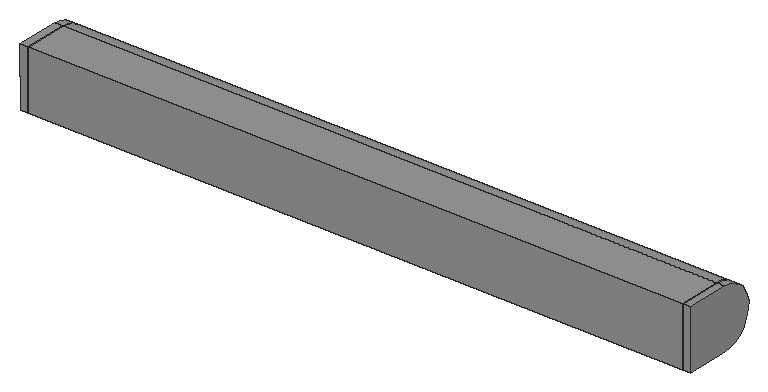
Revit family "JAVA_20W_3000K_1675LM", category Lighting Fixtures, host Wall, Revit 2021
Family settings
  Host = Wall
  Round Connector Dimension = Use Diameter
  Part Type = Normal
  OmniClass Number = 23.80.70.00
  OmniClass Title = Lighting
  Always vertical = Yes
  Cut with Voids When Loaded = No
  Light Source = Yes
  Shared = No
  Room Calculation Point = No
Parameters
  Wattage = 11.2763 W
  built-in parameter 1150110 = 1 (stored number, unit not read)
  Type de lampe = "LED"
  Type = "Applique salle de bain"
  built-in parameter 1114217 = 1 (stored number, unit not read)
  Tilt Angle = 90.00°
  Tension = "AC 220-240V"
  built-in parameter 1150109 = 1 (stored number, unit not read)
  built-in parameter 1150134 = (empty or 0)
  built-in parameter 1150113 = 1 (stored number, unit not read)
  Puissance nominale = "20W"
  Photometric Web File = "google_eulumdat_converter (29).ies"
  Matériau = "Corps en aluminium"
  Lumens = 1675 lm
  built-in parameter 1150115 = 1 (stored number, unit not read)
  built-in parameter 1150105 = 133.29 (stored number, unit not read)
  built-in parameter 1150137 = (empty or 0)
  built-in parameter 1150139 = (empty or 0)
  built-in parameter 1150112 = 1 (stored number, unit not read)
  built-in parameter 1150114 = 1 (stored number, unit not read)
  built-in parameter 1150132 = 2
  built-in parameter 1150102 = (empty or 0)
  built-in parameter 1150138 = (empty or 0)
  built-in parameter 1150107 = 3000 (stored number, unit not read)
  built-in parameter 1150106 = 1.3329 (stored number, unit not read)
  IRC = ">80"
  Fintion = "Chrome"
  Emit from Line Length = 609.6 mm
  built-in parameter 1150104 = 13.8 (stored number, unit not read)
  Dimming Lamp Color Temperature Shift = <None>
  Dimensions = "600 x 65 x 53 mm"
  Default Elevation = 0 mm
  Color Filter = 16777215
  built-in parameter 1114218 = 1 (stored number, unit not read)
  built-in parameter 1150133 = 10 (stored number, unit not read)
Reference planes
  plane 1: y = 0
  plane 2 "Light Source Axis (F/B)": y = 112.214
  plane 3 "Light Source Axis (L/R)": x = -36.356
  plane 4 "Light Source Elevation": z = 2000
Forms (mm)
  Extrusion 1, solid, material "Glass, White, High Luminance"
    sketch origin (-36.356, 0, 0) x (0, -1, 0) y (0, 0, 1)
      loop
        line (-113.5, 1973.5) -> (-75, 1973.5) -> (-75, 2026.5) -> (-113.5, 2026.5)
        arc (-113.5, 2026.5) -> (-140, 2000) -> (-113.5, 1973.5) r 26.5
    from -293.074 to 293.074
  Extrusion 2, solid, material "Aluminum"
    sketch origin (-23.281, 0, 0) x (0, -1, 0) y (0, 0, 1)
      loop
        line (-113.5, 1973.5) -> (-75, 1973.5) -> (-75, 2026.5) -> (-113.5, 2026.5)
        arc (-113.5, 2026.5) -> (-140, 2000) -> (-113.5, 1973.5) r 26.5
    from 306.149 to 313.074
  Extrusion 3, solid, material "Aluminum"
    sketch origin (-49.43, 0, 0) x (0, -1, 0) y (0, 0, -1)
      loop
        arc (-113.5, -1973.5) -> (-140, -2000) -> (-113.5, -2026.5) r 26.5
        line (-113.5, -2026.5) -> (-75, -2026.5) -> (-75, -1973.5) -> (-113.5, -1973.5)
    from 306.149 to 313.074
Lines and regions (mm)
  reference lines
    curve 1: line (-36.356, 112.214, 2000) -> (-36.356, 112.214, 2026.5)
    curve 2: line (-36.356, 112.214, 2000) -> (-36.356, 112.214, 1973.5)
    curve 3: line (-336.356, 112.214, 1973.5) -> (-336.356, 112.214, 2026.5)
    curve 4: line (-336.356, 112.214, 2026.5) -> (263.644, 112.214, 2026.5)
    curve 5: line (263.644, 112.214, 2026.5) -> (263.644, 112.214, 1973.5)
    curve 6: line (263.644, 112.214, 1973.5) -> (-36.356, 112.214, 1973.5)
    curve 7: line (-36.356, 75, 2000) -> (-36.356, 140, 2000)
Text (mm)
  text "Placement Side" at (0, 1019.848, 2973.606), in view "Right"
  text "Placement Side" at (-1787.662, 723.012, 0), in view "Ref. Level"
  text "Placement Side" at (0, 1206.291, 3020.473), in view "Left"
Dimensions and locks
  aligned and locked: plane 3 "Light Source Axis (L/R)" to imposter light
